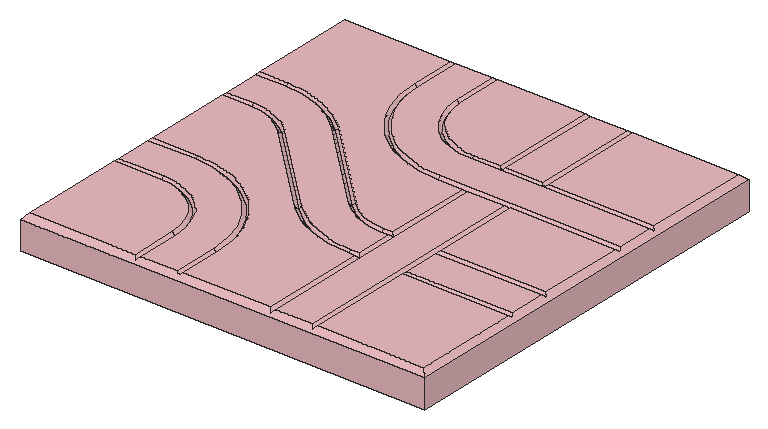
Revit family "METRO 2ft x 2ft", category Specialty Equipment, Revit 2023
Family settings
  Round Connector Dimension = Use Diameter
  Part Type = Normal
  OmniClass Number = 23.35.00.00
  OmniClass Title = Covering, Cladding, and Finishes
  Work Plane-Based = Yes
  Enable Cutting in Views = Yes
  Always vertical = No
  Cut with Voids When Loaded = No
  Maintain Annotation Orientation = No
  Shared = No
  Room Calculation Point = No
Parameters (values of type "2 INCH THICK - CUSTOM PAINTED - STANDARD")
  URL = "https://www.acousticalsurfaces.com/envirocoustic-wood-wool/designs/"
  Type Comments = "Acoustic panels for vertical and horizontal surfaces"
  Thickness = 0' - 2"
  Recycled Content Percentage = "0%"
  Model = "Envirocoustic Wood Wool"
  Material = "Envirocoustic Wood Wool"
  Manufacturer = "Acoustical Surfaces, Inc."
  Fire Rating = "ASTM E84 - Class A"
  Finish = Paint - Acoustical-Surfaces - Custom Painted
  Description = "Acoustic Panels"
  Default Elevation = 0' - 0"
  Backer Thickness = 0' - 1"
  Backer = no
  Assembly Code = "C30"
  Acoustics - NRC = "Sound absorption varies from NRC 0.45 to 0.95 based on installation method used when tested per ASTM C423."
Types (27): name | Thickness | Finish | Backer Thickness | Backer
  2 INCH THICK - CUSTOM PAINTED - STANDARD | 0' - 2" | Paint - Acoustical-Surfaces - Custom Painted | 0' - 1" | no
  2 INCH THICK - PRIMED WHITE - STANDARD | 0' - 2" | Paint - Acoustical-Surfaces - Primed White | 0' - 1" | no
  2 INCH THICK - PRIMED CLEAR - STANDARD | 0' - 2" | Paint - Acoustical-Surfaces - Primed Clear | 0' - 1" | no
  2 INCH THICK - PRIMED WHITE - 2 INCH CFAB BACKER | 0' - 2" | Paint - Acoustical-Surfaces - Primed White | 0' - 2" | yes
  2 INCH THICK - PRIMED WHITE - 1 INCH CFAB BACKER | 0' - 2" | Paint - Acoustical-Surfaces - Primed White | 0' - 1" | yes
  2 INCH THICK - PRIMED CLEAR - 2 INCH CFAB BACKER | 0' - 2" | Paint - Acoustical-Surfaces - Primed Clear | 0' - 2" | yes
  2 INCH THICK - PRIMED CLEAR - 1 INCH CFAB BACKER | 0' - 2" | Paint - Acoustical-Surfaces - Primed Clear | 0' - 1" | yes
  2 INCH THICK - CUSTOM PAINTED - 2 INCH CFAB BACKER | 0' - 2" | Paint - Acoustical-Surfaces - Custom Painted | 0' - 2" | yes
  2 INCH THICK - CUSTOM PAINTED - 1 INCH CFAB BACKER | 0' - 2" | Paint - Acoustical-Surfaces - Custom Painted | 0' - 1" | yes
  1-3/8 INCH THICK - CUSTOM PAINTED - STANDARD | 0' - 1 3/8" | Paint - Acoustical-Surfaces - Custom Painted | 0' - 1" | no
  1-3/8 INCH THICK - PRIMED WHITE - STANDARD | 0' - 1 3/8" | Paint - Acoustical-Surfaces - Primed White | 0' - 1" | no
  1-3/8 INCH THICK - PRIMED CLEAR - STANDARD | 0' - 1 3/8" | Paint - Acoustical-Surfaces - Primed Clear | 0' - 1" | no
  1-3/8 INCH THICK - PRIMED WHITE - 2 INCH CFAB BACKER | 0' - 1 3/8" | Paint - Acoustical-Surfaces - Primed White | 0' - 2" | yes
  1-3/8 INCH THICK - PRIMED WHITE - 1 INCH CFAB BACKER | 0' - 1 3/8" | Paint - Acoustical-Surfaces - Primed White | 0' - 1" | yes
  1-3/8 INCH THICK - PRIMED CLEAR - 2 INCH CFAB BACKER | 0' - 1 3/8" | Paint - Acoustical-Surfaces - Primed Clear | 0' - 2" | yes
  1-3/8 INCH THICK - PRIMED CLEAR - 1 INCH CFAB BACKER | 0' - 1 3/8" | Paint - Acoustical-Surfaces - Primed Clear | 0' - 1" | yes
  1-3/8 INCH THICK - CUSTOM PAINTED - 2 INCH CFAB BACKER | 0' - 1 3/8" | Paint - Acoustical-Surfaces - Custom Painted | 0' - 2" | yes
  1-3/8 INCH THICK - CUSTOM PAINTED - 1 INCH CFAB BACKER | 0' - 1 3/8" | Paint - Acoustical-Surfaces - Custom Painted | 0' - 1" | yes
  1 INCH THICK - CUSTOM PAINTED - STANDARD | 0' - 1" | Paint - Acoustical-Surfaces - Custom Painted | 0' - 1" | no
  1 INCH THICK - PRIMED WHITE - STANDARD | 0' - 1" | Paint - Acoustical-Surfaces - Primed White | 0' - 1" | no
  1 INCH THICK - PRIMED CLEAR - STANDARD | 0' - 1" | Paint - Acoustical-Surfaces - Primed Clear | 0' - 1" | no
  1 INCH THICK - PRIMED WHITE - 2 INCH CFAB BACKER | 0' - 1" | Paint - Acoustical-Surfaces - Primed White | 0' - 2" | yes
  1 INCH THICK - PRIMED WHITE - 1 INCH CFAB BACKER | 0' - 1" | Paint - Acoustical-Surfaces - Primed White | 0' - 1" | yes
  1 INCH THICK - PRIMED CLEAR - 2 INCH CFAB BACKER | 0' - 1" | Paint - Acoustical-Surfaces - Primed Clear | 0' - 2" | yes
  1 INCH THICK - PRIMED CLEAR - 1 INCH CFAB BACKER | 0' - 1" | Paint - Acoustical-Surfaces - Primed Clear | 0' - 1" | yes
  1 INCH THICK - CUSTOM PAINTED - 2 INCH CFAB BACKER | 0' - 1" | Paint - Acoustical-Surfaces - Custom Painted | 0' - 2" | yes
  1 INCH THICK - CUSTOM PAINTED - 1 INCH CFAB BACKER | 0' - 1" | Paint - Acoustical-Surfaces - Custom Painted | 0' - 1" | yes
Reference planes (in)
  plane 1 "Center (Front/Back)": y = 0
  plane 2: z = 0
  plane 3 "Center (Left/Right)": x = 0
  plane 4: x = -12
  plane 5: x = 12
  plane 6: y = 12
  plane 7: y = -12
  plane 8: z = 2
  plane 9: z = -1
Forms (in)
  Extrusion 1, solid, material "Paint - Acoustical-Surfaces - Custom Painted" <- "Finish"
    sketch origin (0, 0, 0) x (1, 0, 0) y (0, 1, 0)
      loop
        line (12, 12) -> (-12, 12) -> (-12, -12) -> (12, -12) -> (12, 12)
    from 0 to 2
  Sweep 2, void
    path in 3D
      loop
        line (12, 12, 2) -> (-12, 12, 2) -> (-12, -12, 2) -> (12, -12, 2) -> (12, 12, 2)
    profile "Triangle : Family2" origin (12, 0, 2) x (-1, 0, 0) y (0, 0, 1)
      loop
        line (0, 0) -> (0, -0.315) -> (0.315, 0) -> (0, 0)
  Extrusion 3, solid, visible <- "Backer"
    sketch origin (0, 0, 0) x (1, 0, 0) y (0, 1, 0)
      loop
        line (12, 12) -> (-12, 12) -> (-12, -12) -> (12, -12) -> (12, 12)
    from 0 to -1
  Sweep 4, void
    path origin (0, 0, 2) x (1, 0, 0) y (0, 1, 0)
      loop
        line (-2.75002, 12) -> (-2.75002, 9)
        arc (-2.75002, 9) -> (-1.65167, 6.34835) -> (0.99998, 5.25) r 3.75
        line (0.99998, 5.25) -> (12, 5.25)
    profile "Groove : Family2" origin (-2.75002, 10.5, 2) x (1, 0, 0) y (0, 0, 1)
      loop
        line (-0.1575, 0) -> (0, -0.1575) -> (0.1575, 0) -> (-0.1575, 0)
  Sweep 5, void
    path origin (0, 0, 2) x (1, 0, 0) y (0, 1, 0)
      loop
        line (-5.25002, 12) -> (-5.25002, 9)
        arc (-5.25002, 9) -> (-3.41944, 4.58058) -> (0.99998, 2.75) r 6.25
        line (0.99998, 2.75) -> (12, 2.75)
    profile "Groove : Family2" origin (-5.25002, 10.5, 2) x (1, 0, 0) y (0, 0, 1)
      loop
        line (-0.1575, 0) -> (0, -0.1575) -> (0.1575, 0) -> (-0.1575, 0)
  Sweep 6, void
    path origin (0, 0, 2) x (1, 0, 0) y (0, 1, 0)
      loop
        line (5.25, 5.25) -> (5.25, 12)
    profile "Groove : Family2" origin (5.25, 8.625, 2) x (-1, 0, 0) y (0, 0, 1)
      loop
        line (-0.1575, 0) -> (0, -0.1575) -> (0.1575, 0) -> (-0.1575, 0)
  Sweep 7, void
    path origin (0, 0, 2) x (1, 0, 0) y (0, 1, 0)
      loop
        line (2.75, 5.25) -> (2.75, 12)
    profile "Groove : Family2" origin (2.75, 8.625, 2) x (-1, 0, 0) y (0, 0, 1)
      loop
        line (-0.1575, 0) -> (0, -0.1575) -> (0.1575, 0) -> (-0.1575, 0)
  Sweep 8, void
    path origin (0, 0, 2) x (1, 0, 0) y (0, 1, 0)
      loop
        line (5.25, -12) -> (5.25, 2.74999)
    profile "Groove : Family2" origin (5.25, -4.625, 2) x (-1, 0, 0) y (0, 0, 1)
      loop
        line (-0.1575, 0) -> (0, -0.1575) -> (0.1575, 0) -> (-0.1575, 0)
  Sweep 9, void
    path origin (0, 0, 2) x (1, 0, 0) y (0, 1, 0)
      loop
        line (2.75, -12) -> (2.75, 2.74999)
    profile "Groove : Family2" origin (2.75, -4.625, 2) x (-1, 0, 0) y (0, 0, 1)
      loop
        line (-0.1575, 0) -> (0, -0.1575) -> (0.1575, 0) -> (-0.1575, 0)
  Sweep 10, void
    path origin (0, 0, 2) x (1, 0, 0) y (0, 1, 0)
      loop
        line (12, -2.75) -> (5.25, -2.75)
    profile "Groove : Family2" origin (8.625, -2.75, 2) x (0, -1, 0) y (0, 0, 1)
      loop
        line (-0.1575, 0) -> (0, -0.1575) -> (0.1575, 0) -> (-0.1575, 0)
  Sweep 11, void
    path origin (0, 0, 2) x (1, 0, 0) y (0, 1, 0)
      loop
        line (12, -5.25) -> (5.25, -5.25)
    profile "Groove : Family2" origin (8.625, -5.25, 2) x (0, -1, 0) y (0, 0, 1)
      loop
        line (-0.1575, 0) -> (0, -0.1575) -> (0.1575, 0) -> (-0.1575, 0)
  Sweep 12, void
    path origin (0, 0, 2) x (1, 0, 0) y (0, 1, 0)
      loop
        line (2.75, -2.75) -> (2.07116, -2.75)
        arc (2.07116, -2.75) -> (0.63613, -2.46456) -> (-0.58044, -1.65171) r 3.75
        line (-0.58044, -1.65171) -> (-5.65186, 3.41951)
        arc (-5.65186, 3.41951) -> (-7.67948, 4.77427) -> (-10.07119, 5.25) r 6.25
        line (-10.07119, 5.25) -> (-12, 5.25)
    profile "Groove : Family2" origin (-7.67948, 4.77427, 2) x (-0.382674, -0.923884, 0) y (0, 0, 1)
      loop
        line (-0.1575, 0) -> (0, -0.1575) -> (0.1575, 0) -> (-0.1575, 0)
  Sweep 13, void
    path origin (0, 0, 2) x (1, 0, 0) y (0, 1, 0)
      loop
        line (2.75, -5.25) -> (2.07114, -5.25)
        arc (2.07114, -5.25) -> (-0.32059, -4.77427) -> (-2.34821, -3.41949) r 6.25
        line (-2.34821, -3.41949) -> (-7.41955, 1.65169)
        arc (-7.41955, 1.65169) -> (-8.63612, 2.46456) -> (-10.07116, 2.75) r 3.75
        line (-10.07116, 2.75) -> (-12, 2.75)
    profile "Groove : Family2" origin (-11.03558, 2.75, 2) x (0, -1, 0) y (0, 0, 1)
      loop
        line (-0.1575, 0) -> (0, -0.1575) -> (0.1575, 0) -> (-0.1575, 0)
  Sweep 14, void
    path origin (0, 0, 2) x (1, 0, 0) y (0, 1, 0)
      loop
        line (-12, -2.75) -> (-9, -2.75)
        arc (-9, -2.75) -> (-4.58058, -4.58058) -> (-2.75, -9) r 6.25
        line (-2.75, -9) -> (-2.75, -12)
    profile "Groove : Family2" origin (-10.5, -2.75, 2) x (0, 1, 0) y (0, 0, 1)
      loop
        line (-0.1575, 0) -> (0, -0.1575) -> (0.1575, 0) -> (-0.1575, 0)
  Sweep 15, void
    path origin (0, 0, 2) x (1, 0, 0) y (0, 1, 0)
      loop
        line (-5.25, -12) -> (-5.25, -9)
        arc (-5.25, -9) -> (-6.34835, -6.34835) -> (-9, -5.25) r 3.75
        line (-9, -5.25) -> (-12, -5.25)
    profile "Groove : Family2" origin (-10.5, -5.25, 2) x (0, -1, 0) y (0, 0, 1)
      loop
        line (-0.1575, 0) -> (0, -0.1575) -> (0.1575, 0) -> (-0.1575, 0)
Cuts and joins
  Sweep 2, Sweep 4, Sweep 5, Sweep 6, Sweep 7, Sweep 8, Sweep 9, Sweep 10, Sweep 11, Sweep 12, Sweep 13, Sweep 14, Sweep 15 cuts Extrusion 1
Lines and regions (in)
  sketch lines
    curve 1: line (12, -12, 2) -> (12, 12, 2)
    curve 2: line (-12, -12, 2) -> (12, -12, 2)
    curve 3: line (-12, 12, 2) -> (-12, -12, 2)
    curve 4: line (12, 12, 2) -> (-12, 12, 2)
Dimensions and locks (in)
  equal spacing: plane 4, plane 3 "Center (Left/Right)", plane 5
  equal spacing: plane 7, plane 1 "Center (Front/Back)", plane 6
  plane 7 to plane 6 = 2' - 0"
  locked: plane 4 to plane 5 at 24
  "Thickness": plane 8 to level
  "Backer Thickness": level to plane 9
  aligned and locked: level to plane 2
  aligned and locked: Extrusion 1 sketch curve to plane 4
  aligned and locked: plane 5 to Extrusion 1 sketch curve
  aligned and locked: Extrusion 1 sketch curve to plane 6
  aligned and locked: Extrusion 1 sketch curve to plane 7
  aligned and locked: Extrusion 1 to plane 8
  aligned and locked: Extrusion 3 sketch curve to plane 4
  aligned and locked: plane 5 to Extrusion 3 sketch curve
  aligned and locked: Extrusion 3 sketch curve to plane 6
  aligned and locked: Extrusion 3 sketch curve to plane 7
  aligned and locked: plane 9 to Extrusion 3
Automatic sketch dimensions
  Sweep 4 sketch curve to Extrusion 1 = 0' - 0"  (x2)
  Sweep 4 sketch curve to Extrusion 1 = 0' - 3"
  Sweep 4 sketch curve to Extrusion 1 = 0' - 9 1/4"
  Sweep 4 sketch curve to Sweep 4 sketch curve = 0' - 3 3/4"
  Sweep 5 sketch curve to Extrusion 1 = 0' - 0"  (x2)
  Sweep 5 sketch curve to Extrusion 1 = 0' - 6 3/4"
  Sweep 5 sketch curve to Extrusion 1 = 0' - 3"
  Sweep 5 sketch curve to Sweep 5 sketch curve = 0' - 6 1/4"
  Sweep 12 sketch curve to Extrusion 1 = 0' - 0"
  Sweep 12 sketch curve to Extrusion 1 = 0' - 1.92881"
  Sweep 12 sketch curve to Extrusion 1 = 0' - 11"
  Sweep 12 sketch curve to Sweep 12 sketch curve = 0' - 6 1/4"
  Sweep 12 sketch curve to Sweep 12 sketch curve = 0' - 4.41933"
  Sweep 12 sketch curve to Sweep 12 sketch curve = 0' - 5.07143"
  Sweep 12 sketch curve to Sweep 12 sketch curve = 0' - 5.07122"
  Sweep 12 sketch curve to Sweep 12 sketch curve = 0' - 2.6516"
  Sweep 12 sketch curve to Sweep 12 sketch curve = 0' - 2.65171"
  Sweep 12 sketch curve to Sweep 12 sketch curve = 0' - 0.67884"
  Sweep 13 sketch curve to Extrusion 1 = 0' - 0"
  Sweep 13 sketch curve to Extrusion 1 = 0' - 1.92884"
  Sweep 13 sketch curve to Extrusion 1 = 0' - 11"
  Sweep 13 sketch curve to Sweep 13 sketch curve = 0' - 3 3/4"
  Sweep 13 sketch curve to Sweep 13 sketch curve = 0' - 2.65161"
  Sweep 13 sketch curve to Sweep 13 sketch curve = 0' - 5.07134"
  Sweep 13 sketch curve to Sweep 13 sketch curve = 0' - 5.07118"
  Sweep 13 sketch curve to Sweep 13 sketch curve = 0' - 4.41935"
  Sweep 13 sketch curve to Sweep 13 sketch curve = 0' - 4.41949"
  Sweep 13 sketch curve to Sweep 13 sketch curve = 0' - 0.67886"
  Sweep 14 sketch curve to Extrusion 1 = 0' - 0"
  Sweep 14 sketch curve to Extrusion 1 = 0' - 3"  (x2)
  Sweep 14 sketch curve to Sweep 14 sketch curve = 0' - 6 1/4"
  Extrusion 1 to Sweep 14 sketch curve = 0' - 0"
  Sweep 15 sketch curve to Extrusion 1 = 0' - 0"
  Sweep 15 sketch curve to Extrusion 1 = 0' - 3"  (x2)
  Sweep 15 sketch curve to Sweep 15 sketch curve = 0' - 3 3/4"
  Extrusion 1 to Sweep 15 sketch curve = 0' - 0"
